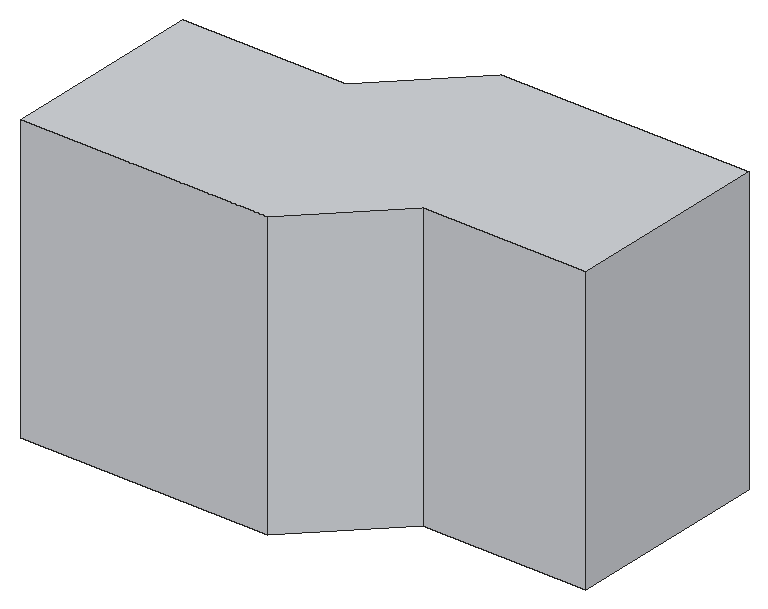
Revit family "Climaver_Offset", category Tvarovky potrubí, Revit 2022
Family settings
  Kóta kulaté spojky = Použít průměr
  Typ dílu = Odsazení
  Číslo OmniClass = 23.75.70.14
  Nadpis OmniClass = Air Ductwork
  Založené na pracovní rovině = Ne
  Vždy vertikální = Ano
  Ořezat dutým tvarem při načtení = Ne
  Sdílené = Ne
Parameters (values of type "CLIMAVER Plus R, CLIMAVER A2 Plus")
  note_A = "The minimum dimension of parameter was exceeded. Length of the middle part = 200 mm"  # constant formula
  TYPE = "Fitting"  # constant formula
  ROUNDING RADIUS [instance] = Lenght of inner part 1 / tan(Angle 2)  # 482.843 mm
  PANEL AREA [instance] = 2 * (External dimension_Height + External dimension_Width + 200 mm) * (Lenght of inner part 1 + Lenght of middle part + Lenght of outer part 2)  # 1.04569 m²
  MAXIMUM DIMENSION [instance] = if(External dimension_Width > External dimension_Height, External dimension_Width, External dimension_Height)  # 350 mm
  Installation manual = "https://ssi-climaver.com/assets/pdf/20180924%20climaver_installation_manual_din_a5.pdf"
  Výchozí výška = 0 mm
  DUCT_WIDTH [instance] = 200 mm
  DUCT_HEIGHT [instance] = 300 mm
  Angle 3 [instance] = 180.00° - ANGLE  # 135.00°
  Angle 2 [instance] = ANGLE / 2  # 22.50°
  o1 [instance] = Perimetr  # 1400 mm
  note_angle = "Warning: Use of non standard angle."  # constant formula
  note_R4 = "Contact climaver team. The table below indicates the types of reinforcement and the distance between each reinforcement."  # constant formula
  note_R3 = "Reinforcement is required. For more information, visit the manufacturer's website. The table below indicates the types of reinforcement and the distance between each reinforcement."  # constant formula
  note_R2 = "At pressures greater than 200 Pa it is necessary to reinforce. For more information, visit the manufacturer's website. The table below indicates the types of reinforcement and the distance between each reinforcement.\r\n"  # constant formula
  note_R1 = "At pressures greater than 400 Pa it is necessary to reinforce. For more information, visit the manufacturer's website. The table below indicates the types of reinforcement and the distance between each reinforcement."  # constant formula
  note_L3 min = "The minimum dimension of parameter was exceeded. Length of inner part 2 = 200 mm."  # constant formula
  note_L1 min = "The minimum dimension of parameter was exceeded. Length of inner part 1 = 200 mm."  # constant formula
  note_L max = "Warning: The fitting must be constructed from more parts."  # constant formula
  note_Di = "The internal dimensions should be at least 200 mm (the recommended min.value for the DUCT_WIDTH and DUCT_HEIGHT)"  # constant formula
  note_L2 min = "„The minimum dimension of parameter was exceeded. Length of the middle part = 200 mm“"  # constant formula
  h [instance] = -External dimension_Height  # -350 mm
  Warnings = yes
  Warning note [instance] = if(WAR_Di = 0 mm, note_Di, if(WAR_L1 min = 0 mm, note_L1 min, if(WAR_L3 min = 0 mm, note_L3 min, if(WAR_L max = 0 mm, note_L max, if(WAR_angle = 0 mm, note_angle, if(WAR_A min = 0 mm, note_A, ""))))))  # ""
  WAR_angle [instance] = if(not(ANGLE = 45.00°), 0 mm, 1 mm)  # 1 mm
  WAR_R4 [instance] = or(DUCT_WIDTH > 1500 mm, DUCT_HEIGHT > 1500 mm)  # no
  WAR_R3 [instance] = or(DUCT_WIDTH > 1050 mm, DUCT_HEIGHT > 1050 mm)  # no
  WAR_R2 [instance] = or(DUCT_WIDTH > 900 mm, DUCT_HEIGHT > 900 mm)  # no
  WAR_R1 [instance] = or(DUCT_WIDTH > 600 mm, DUCT_HEIGHT > 600 mm)  # no
  WAR_L3 min [instance] = if(Lenght of inner part 2 < 200 mm, 0 mm, 1 mm)  # 1 mm
  WAR_L1 min [instance] = if(Lenght of inner part 1 < 200 mm, 0 mm, 1 mm)  # 1 mm
  WAR_L max [instance] = if(or((Lenght of outer part 1 + Lenght of middle part 2 + Lenght of inner part 2) > Maximum lenght of panel, Perimetr > Maximum lenght of perimeter), 0 mm, 1 mm)  # 1 mm
  WAR_Di [instance] = if((or(DUCT_WIDTH < 200 mm, DUCT_HEIGHT < 200 mm)), 0 mm, 1 mm)  # 1 mm
  WAR_A min [instance] = if(Lenght of middle part < 150 mm, 0 mm, 1 mm)  # 1 mm
  WAR [instance] = if(or(WAR_angle = 0 mm, WAR_L1 min = 0 mm, WAR_L3 min = 0 mm, WAR_A min = 0 mm), 0 mm, 1 mm)  # 1 mm
  W [instance] = and(WAR = 0 mm, Warnings)  # no
  Výrobce = "Saint-Gobain - Isover"
  URL3 = ""
  URL2 = "https://www.isover-technical-insulation.com/products/climaverr-a2-plus"
  URL1 = "https://www.isover-technical-insulation.com/products/climaverr-plus-r"
  Reinforcement note [instance] = if(WAR_R4, note_R4, if(WAR_R3, note_R3, if(WAR_R2, note_R2, if(WAR_R1, note_R1, ""))))  # ""
  PŠ 2 [instance] = External dimension_Width / 2  # 125 mm
  PIz2 [instance] = PIz * 2  # 200 mm
  PIz [instance] = PŠ 2 - PANEL THICKNESS  # 100 mm
  PANEL THICKNESS = 25 mm
  OV [instance] = PŠ 2 / cos(Angle 2)  # 135.299 mm
  Perimetr [instance] = 2 * External dimension_Height + 2 * External dimension_Width + 200 mm  # 1400 mm
  Maximum lenght of perimeter = 3000 mm  # constant formula
  Maximum lenght of outer part 2 [instance] = (Maximum lenght of inner part 2 / Rounding radius 2) * (Rounding radius 2 + External dimension_Width)  # 303.553 mm
  Maximum lenght of middle part [instance] = 1190 mm - Lenght of outer part 1 - Lenght of inner part 2  # 686.447 mm
  Maximum lenght of outer part 1 [instance] = 1190 mm - Lenght of middle part 2 - Lenght of inner part 2  # 840 mm
  Maximum lenght of inner part 2 [instance] = 200 mm  # constant formula
  Minimum lenght of middle part [instance] = 150 mm  # constant formula
  Maximum lenght of inner part 1 [instance] = 200 mm  # constant formula
  Maximum lenght of panel = 1190 mm
  Family collaps = no
  Lenght 30 [instance] = Lenght 3 - Lenght of inner part 2  # 51.777 mm
  Lenght 01 [instance] = Lenght 1 - Lenght of inner part 1  # 51.777 mm
  Lenght of outer part 2 [instance] = tan(Angle 2) * (Rounding radius 2 + External dimension_Width)  # 303.553 mm
  Lenght of middle part 2 [instance] = Lenght of middle part  # 150 mm
  Lenght of outer part 1 [instance] = tan(Angle 2) * (ROUNDING RADIUS + External dimension_Width)  # 303.553 mm
  Lenght 3 [instance] = tan(Angle 2) * (External dimension_Width / 2 + Rounding radius 2)  # 251.777 mm
  Lenght 21 [instance] = External dimension_Width / 2 + ROUNDING RADIUS  # 607.843 mm
  c1 [instance] = External dimension_Width / 2 + ROUNDING RADIUS  # 607.843 mm
  URL = "https://www.isover-technical-insulation.com/hvac/climaverr-self-supporting-ducts"
  Rounding radius 21 [instance] = Rounding radius 2 + External dimension_Width / 2  # 607.843 mm
  Rounding radius 2 [instance] = Lenght of inner part 2 / tan(Angle 2)  # 482.843 mm
  Popis = "Offset"
  Lenght 23 [instance] = (Lenght of middle part) * sin(ANGLE) + External dimension_Width / 2  # 231.066 mm
  Model = "CLIMAVER Plus R, CLIMAVER A2 Plus (Fire reaction B-s1, d0; A2-s1, d0, Acoustic absorption 0,30)"
  Material = none
  Komentáře k typům = "Glass wool duct boards for air conditioning, ventilation and heating systems. The system allow to make foursquare duct/duct lines (straight duct, elbow, offset, branch etc.) The panel a high density glass wool duct board and is faced on both sides. The outer facing, a robust aluminum facing, acts as a vapor barrier and ensures that the duct is airtight. The inner facing of the duct may be either a reinforced aluminum facing or a woven glass facing.The pre-insulated, self-supporting duct is designed to offer excellent acoustics, excellent thermal performance and a high level of air-tightness, making the system energy efficient. Application as EN 13403, Airtightness: Thermal conductivity λ = 0,032 [W/(m·K)] for T = 10 °C, Class D, Maximum Static pressure: 800 Pa, Maximum air speed: 18 m/s, Maximum temperature of circulating air: 90°C, Maximum external air temperature 60°C, Minimum temperature: – 30˚C, Dimensional stability: Quantities and measured values : <1 %, Duct assembly: exclusive male/female molded shiplap, Water-vapour diffusion resistence: >140 m².h.Pa/mg (from the facing)."  # constant formula
  Lenght of inner part 2 [instance] = 200 mm
  Lenght of middle part [instance] = 150 mm
  Lenght of inner part 1 [instance] = 200 mm
  Lenght 2 [instance] = Lenght of middle part  # 150 mm
  Lenght 12 [instance] = 186.663 mm
  Lenght 1 [instance] = tan(Angle 2) * (External dimension_Width / 2 + ROUNDING RADIUS)  # 251.777 mm
  External dimension_Width [instance] = DUCT_WIDTH + 2 * PANEL THICKNESS  # 250 mm
  External dimension_Height [instance] = DUCT_HEIGHT + 2 * PANEL THICKNESS  # 350 mm
  Collapse [instance] = and(WAR = 0 mm, Family collaps)  # no
  COUNT = 1
  COPYRIGHT = "Saint-Gobain - Isover"  # constant formula
  ANGLE [instance] = 45.00°
Types (4, lengths in mm): name | PANEL AREA | MAXIMUM DIMENSION | DUCT_HEIGHT | o1 | h | URL3 | URL2 | URL1 | PŠ 2 | PANEL THICKNESS | OV | Perimetr | Maximum lenght of outer part 2 | Maximum lenght of middle part | Maximum lenght of panel | Lenght 30 | Lenght 01 | Lenght of outer part 2 | Lenght of outer part 1 | Lenght 3 | Lenght 21 | c1 | Rounding radius 21 | Lenght 23 | Model | Lenght 1 | External dimension_Width | External dimension_Height
  CLIMAVER Plus R, CLIMAVER A2 Plus | 1.04569 m² | 350 | 300 | 1400 | -350 | "" | "https://www.isover-technical-insulation.com/products/climaverr-a2-plus" | "https://www.isover-technical-insulation.com/products/climaverr-plus-r" | 125 | 25 | 135.299 | 1400 | 303.553 | 686.447 | 1190 | 51.777 | 51.777 | 303.553 | 303.553 | 251.777 | 607.843 | 607.843 | 607.843 | 231.066 | "CLIMAVER Plus R, CLIMAVER A2 Plus (Fire reaction B-s1, d0; A2-s1, d0, Acoustic absorption 0,30)" | 251.777 | 250 | 350
  CLIMAVER Neto, CLIMAVER A2 Neto | 1.04569 m² | 350 | 300 | 1400 | -350 | "" | "https://www.isover-technical-insulation.com/products/climaverr-a2-neto" | "https://www.isover-technical-insulation.com/products/climaverr-neto" | 125 | 25 | 135.299 | 1400 | 303.553 | 686.447 | 1190 | 51.777 | 51.777 | 303.553 | 303.553 | 251.777 | 607.843 | 607.843 | 607.843 | 231.066 | "CLIMAVER Neto, CLIMAVER A2 Neto (Fire reaction B-s1, d0; A2-s1, d0, Acoustic absorption 0,85)" | 251.777 | 250 | 350
  CLIMAVER A2 Deco | 0.914975 m² | 250 | 200 | 1200 | -250 | "" | "" | "https://www.isover-technical-insulation.com/products/climaverr-a2-deco" | 125 | 25 | 135.299 | 1200 | 303.553 | 686.447 | 1190 | 51.777 | 51.777 | 303.553 | 303.553 | 251.777 | 607.843 | 607.843 | 607.843 | 231.066 | "CLIMAVER A2 Deco (Fire behaviour A2-s1, d0, Acoustic absorption 0,85)" | 251.777 | 250 | 250
  CLIMAVER Apta, A2 Apta, A1 Apta | 1.14549 m² | 380 | 300 | 1520 | -380 | "https://www.isover-technical-insulation.com/products/climaverr-a1-apta" | "https://www.isover-technical-insulation.com/products/climaverr-a2-apta" | "https://www.isover-technical-insulation.com/products/climaverr-apta" | 140 | 40 | 151.535 | 1520 | 315.98 | 674.02 | 1210 | 57.99 | 57.99 | 315.98 | 315.98 | 257.99 | 622.843 | 622.843 | 622.843 | 246.066 | "CLIMAVER Apta, A2 Apta, A1 Apta (Fire reaction B-s1, d0; A2-s1, d0; A1, Acoustic absorption 0,90)" | 257.99 | 280 | 380
Reference planes
  plane 1 "Center (Front/Back)": y = 0
  plane 2: z = 0
  plane 3 "Center (Left/Right)": x = 441.421
  plane 4: x = 254.758
  plane 5 "horni": z = 175
  plane 6 "dolní": z = -175
  plane 7 "Délka 2": y = 607.843
  plane 8 "zadní": y = 231.066
  plane 9: x = 441.421
  plane 10: x = 389.645
  plane 11: x = 189.645
  plane 12 "iz1": y = -100
  plane 13 "iz2": y = 206.066
  plane 14: y = 100
  plane 15: y = 6.066
  plane 16: z = 150
  plane 17: z = -150
Forms (mm)
  Sweep 1, solid, detail levels medium+fine
    path in 3D
      loop
        line (189.645, 0, 0) -> (441.421, 0, 0) -> (547.487, 106.066, 0) -> (799.264, 106.066, 0)
    profile "M_Duct - Rectangular : Duct - Rectangular" origin (315.533, 0, 0) x (0, 1, 0) y (0, 0, 1)
      loop
        line (-125, 175) -> (-125, -175) -> (125, -175) -> (125, 175) -> (-125, 175)
Lines and regions (mm)
  reference lines
    curve 1: line (189.645, 0, 0) -> (441.421, 0, 0)
    curve 4: line (189.645, 607.843, 0) -> (441.421, 0, 0)
    curve 9: line (441.421, 0, 0) -> (547.487, 106.066, 0)
    curve 10: line (547.487, 106.066, 0) -> (991.202, 106.066, 0)
    curve 11: line (599.264, 406.548, 0) -> (599.264, -194.416, 0)
    curve 15: line (547.487, 406.548, 0) -> (547.487, -194.416, 0)
    curve 16: line (189.645, 0, 0) -> (189.645, -125, 0)
    curve 17: line (441.421, 0, 0) -> (493.198, -125, 0)
  sketch lines
    curve 2: line (189.645, 0, 0) -> (441.421, 0, 0)
    curve 14: line (441.421, 0, 0) -> (547.487, 106.066, 0)
    curve 20: line (547.487, 106.066, 0) -> (799.264, 106.066, 0)
  model lines, style "DuctFitting", detail levels coarse
    curve 3: line (189.645, 0, 0) -> (441.421, 0, 0)
  model lines, style "InvisibleLines"
    curve 5: line (220.134, 66.713, 0) -> (248.418, 94.998, 0)
    curve 6: line (248.418, 94.998, 0) -> (248.418, 14.998, 0)
    curve 19: line (799.264, 106.066, 0) -> (799.264, -18.934, 0)
  model lines, style "InvisibleLines", not visible
    curve 7: line (80.673, 222.588, 0) -> (108.957, 250.873, 0)
    curve 8: line (108.957, 250.873, 0) -> (108.957, 170.873, 0)
    curve 18: line (599.264, 509.957, 0) -> (599.264, -63.345, 0)
  model lines, detail levels coarse
    curve 12: line (441.421, 0, 0) -> (547.487, 106.066, 0)
    curve 13: line (547.487, 106.066, 0) -> (799.264, 106.066, 0)
  model lines, style "Climaver_Inner wall of fittings", detail levels medium
    curve 21: line (189.645, 100, 175) -> (400, 100, 175)
    curve 22: line (189.645, -100, 175) -> (482.843, -100, 175)
    curve 23: line (482.843, -100, 175) -> (588.909, 6.066, 175)
    curve 24: line (588.909, 6.066, 175) -> (799.264, 6.066, 175)
    curve 25: line (506.066, 206.066, 175) -> (799.264, 206.066, 175)
    curve 26: line (189.645, -100, -175) -> (482.843, -100, -175)
    curve 27: line (482.843, -100, -175) -> (588.909, 6.066, -175)
    curve 28: line (588.909, 6.066, -175) -> (799.264, 6.066, -175)
    curve 29: line (189.645, 100, -175) -> (400, 100, -175)
    curve 30: line (400, 100, -175) -> (506.066, 206.066, -175)
    curve 31: line (506.066, 206.066, -175) -> (799.264, 206.066, -175)
    curve 32: line (189.645, -125, 150) -> (493.198, -125, 150)
    curve 33: line (189.645, -125, -150) -> (493.198, -125, -150)
    curve 34: line (493.198, -125, 150) -> (599.264, -18.934, 150)
    curve 35: line (493.198, -125, -150) -> (599.264, -18.934, -150)
    curve 36: line (599.264, -18.934, 150) -> (799.264, -18.934, 150)
    curve 37: line (599.264, -18.934, -150) -> (799.264, -18.934, -150)
    curve 38: line (189.645, 125, 150) -> (389.645, 125, 150)
    curve 39: line (189.645, 125, -150) -> (389.645, 125, -150)
    curve 40: line (389.645, 125, 150) -> (495.711, 231.066, 150)
    curve 41: line (389.645, 125, -150) -> (495.711, 231.066, -150)
    curve 42: line (495.711, 231.066, 150) -> (799.264, 231.066, 150)
    curve 43: line (495.711, 231.066, -150) -> (799.264, 231.066, -150)
    curve 44: line (400, 100, 175) -> (506.066, 206.066, 175)
Dimensions and locks
  equal spacing: plane 5 "horni", plane 2, plane 6 "dolní"
  "External dimension_Height": plane 5 "horni" to plane 6 "dolní"
  "Lenght 12": plane 4 to plane 3 "Center (Left/Right)"
  "Lenght 21": plane 1 "Center (Front/Back)" to plane 7 "Délka 2"
  "Lenght 23": plane 1 "Center (Front/Back)" to plane 8 "zadní"
  locked: plane 3 "Center (Left/Right)" to plane 9 at 0
  "Lenght 01": plane 10 to plane 3 "Center (Left/Right)"
  equal spacing: curve 11, curve 10, curve 11
  "Lenght 2": curve 9 to curve 9
  "Lenght 30": curve 15 to curve 11
  "Lenght of inner part 1": curve 16 to plane 10
  locked: curve 16 to curve 5 at 30.489
  locked: Sweep 1 to curve 6 at 30.002
  "OV": curve 17 to curve 17
  "Lenght 30": curve 15 to curve 18
  "Lenght of inner part 2": curve 18 to curve 19
  "PŠ 2": curve 10 to curve 19
  "Lenght of inner part 1": plane 11 to plane 10
  "PŠ 2": curve 16 to plane 1 "Center (Front/Back)"
  "PANEL THICKNESS": plane 8 "zadní" to plane 13 "iz2"
  "PIz": plane 12 "iz1" to plane 1 "Center (Front/Back)"
  equal spacing: plane 14, plane 1 "Center (Front/Back)", plane 12 "iz1"
  "PIz2": plane 15 to plane 13 "iz2"
  "PANEL THICKNESS": plane 6 "dolní" to plane 17
  "PANEL THICKNESS": plane 16 to plane 5 "horni"
  angle plane 1 "Center (Front/Back)" to curve 9 = 45.00°
  "ANGLE": angle plane 1 "Center (Front/Back)" to curve 9
  "Angle 2": angle plane 3 "Center (Left/Right)" to curve 17
  "Angle 3": angle curve 23 to curve 22
  "ANGLE": angle plane 14 to curve 44
  "ANGLE": angle plane 14 to curve 30
  "Angle 3": angle curve 27 to plane 12 "iz1"
  aligned and locked: curve 1 to curve 3
  aligned and locked: plane 7 "Délka 2" to curve 4
  aligned and locked: plane 3 "Center (Left/Right)" to curve 4
  aligned and locked: curve 10 to curve 13
  aligned and locked: curve 12 to curve 9
  aligned and locked: Sweep 1 to curve 16
  aligned and locked: curve 10 to curve 19
  aligned and locked: plane 1 "Center (Front/Back)" to curve 17
  aligned and locked: plane 11 to curve 4
  aligned and locked: curve 12 to curve 10
  aligned and locked: curve 15 to curve 13
  aligned and locked: nested 1 to curve 17
  aligned and locked: curve 17 to nested 1
  aligned and locked: curve 26 to plane 12 "iz1"
  aligned and locked: curve 17 to curve 27
  aligned and locked: Sweep 1 to curve 28
  aligned and locked: curve 29 to plane 14
  aligned and locked: curve 4 to curve 29
  aligned and locked: curve 31 to plane 13 "iz2"
  aligned and locked: Sweep 1 to curve 31
  aligned and locked: plane 16 to curve 32
  aligned and locked: plane 17 to curve 33
  aligned and locked: plane 11 to curve 32
  aligned and locked: Sweep 1 to curve 32
  aligned and locked: plane 11 to curve 33
  aligned and locked: Sweep 1 to curve 33
  aligned and locked: Sweep 1 to curve 34  (x2)
  aligned and locked: curve 32 to curve 34
  aligned and locked: Sweep 1 to curve 35  (x2)
  aligned and locked: curve 33 to curve 35
  aligned and locked: Sweep 1 to curve 36  (x2)
  aligned and locked: curve 34 to curve 36
  aligned and locked: Sweep 1 to curve 37  (x2)
  aligned and locked: curve 35 to curve 37
  aligned and locked: plane 11 to curve 38
  aligned and locked: curve 38 to curve 32
  aligned and locked: plane 11 to curve 39
  aligned and locked: curve 39 to curve 33
  aligned and locked: plane 10 to curve 38
  aligned and locked: plane 10 to curve 39
  aligned and locked: Sweep 1 to curve 40  (x2)
  aligned and locked: curve 38 to curve 40
  aligned and locked: Sweep 1 to curve 41  (x2)
  aligned and locked: curve 39 to curve 41
  aligned and locked: Sweep 1 to curve 42  (x2)
  aligned and locked: curve 40 to curve 42
  aligned and locked: Sweep 1 to curve 43  (x2)
  aligned and locked: curve 41 to curve 43
  aligned and locked: Sweep 1 to curve 24
  aligned and locked: curve 17 to curve 23
  aligned and locked: plane 15 to curve 28
  aligned and locked: plane 15 to curve 23
  aligned and locked: curve 22 to plane 12 "iz1"
  aligned and locked: curve 26 to plane 11
  aligned and locked: curve 22 to plane 11
  aligned and locked: curve 29 to plane 11
  aligned and locked: curve 21 to plane 11
  aligned and locked: curve 21 to curve 44
  aligned and locked: curve 44 to curve 25
  aligned and locked: curve 4 to curve 44
  aligned and locked: curve 4 to curve 21
  aligned and locked: curve 21 to plane 14
  aligned and locked: curve 25 to plane 13 "iz2"
  aligned and locked: curve 30 to curve 25
Automatic sketch dimensions
  curve 12 to curve 9 = 0 mm
  curve 3 to plane 11 = 0 mm
  curve 3 to plane 3 "Center (Left/Right)" = 0 mm
  curve 41 to Sweep 1 = 0 mm
  curve 40 to Sweep 1 = 0 mm
  curve 25 to Sweep 1 = 0 mm
  curve 9 to curve 10 = 443.714 mm
  curve 15 to curve 10 = 0 mm
  curve 15 to curve 10 = 300.482 mm
  curve 10 to curve 15 = 300.482 mm
  curve 11 to curve 10 = 300.482 mm
  curve 18 to curve 10 = 169.411 mm
  curve 10 to curve 18 = 403.891 mm
Nested families
  nested 1: "Warnings_HVAC" at (490.888, -125.957, -0.787) x (0, 0, 1) z (0.3827, -0.9239, 0), visible <- "W", type "Warnings_HVAC"
    with Viditelnost yes
Connectors
  hvac at (189.645, 0, 0), driven by "DUCT_HEIGHT", driven by "DUCT_WIDTH"
    settings: on Sweep 1, index 3, duct flow 0.0 L/s, flow factor 0, pres drop 0.0 Pa, loss coef 0, conn angle 30.00°, conn width 200 mm, conn height 300 mm, conn diameter 609.6 mm, duct sys type 28, conn prof type 1, flow config 0, flow direction 0, loss method 0, conn ref index 4, conn util no, is conn primary yes, conn desc ""
  hvac at (799.264, 106.066, 0), driven by "DUCT_HEIGHT", driven by "DUCT_WIDTH"
    settings: on Sweep 1, index 4, duct flow 0.0 L/s, flow factor 0, pres drop 0.0 Pa, loss coef 0, conn angle 30.00°, conn width 200 mm, conn height 300 mm, conn diameter 609.6 mm, duct sys type 28, conn prof type 1, flow config 0, flow direction 0, loss method 0, conn ref index 3, conn util no, is conn primary no, conn desc ""
Definition of nested family "Warnings_HVAC"
  Parameters (values of type "Warnings_HVAC")
    Manufacturer = ""
    Default Elevation = 0 mm
    Viditelnost [instance] = yes
    URL = ""
    Description = ""
    Model = ""
    Type Comments = ""
    Collapse = no
    Collapser = if(Collapse, -1 mm, 206 mm)  # 206 mm
    Cost = 0
    COPYRIGHT = "© cadconsulting, spol. s r.o."  # constant formula
  Reference planes
    plane 1 "Střed (vpředu/vzadu)": z = 0
    plane 2: z = 0
    plane 3 "Střed (vlevo/vpravo)": x = 0
    plane 4: z = 50
    plane 5: z = 256
    plane 6 "Střed Vpředu/Vzadu": y = -2.5
  Forms (mm)
    Revolve 1, solid, visible <- "Viditelnost"
      sketch origin (0, -2.5, 1200) x (1, 0, 0) y (0, 0, 1)
        loop
          line (-18.367, -945.083) -> (-8.69, -1109.259)
          arc (-8.69, -1109.259) -> (-5.971, -1115.081) -> (0, -1117.452) r 8.705
          line (0, -1117.452) -> (0, -925.601)
          arc (0, -925.601) -> (-13.387, -931.379) -> (-18.367, -945.083) r 18.399
        loop
          arc (0, -1135) -> (-15, -1150) -> (0, -1165) r 15
          line (0, -1165) -> (0, -1135)
        axis (0, -1165) -> (0, -925.601)
      angle from 0 to 360
  Lines and regions (mm)
    reference lines
      curve 1: line (0, -2.5, 50) -> (0, -2.5, 261)
  Dimensions and locks
    "Collapser": plane 5 to plane 4
    locked: plane 4 to plane 2 at 50
    aligned and locked: level to plane 2
    aligned and locked: plane 4 to curve 1
    aligned and locked: plane 3 "Střed (vlevo/vpravo)" to curve 1
    aligned and locked: Revolve 1 sketch curve to plane 3 "Střed (vlevo/vpravo)"
    aligned and locked: plane 3 "Střed (vlevo/vpravo)" to Revolve 1 sketch curve  (x3)
    aligned and locked: plane 5 to Revolve 1 sketch curve
    aligned and locked: plane 4 to Revolve 1 sketch curve
  Automatic sketch dimensions
    curve 1 to plane 5 = 5 mm
    Revolve 1 sketch curve to plane 3 "Střed (vlevo/vpravo)" = 0 mm
    Revolve 1 sketch curve to plane 4 = 0 mm
    Revolve 1 sketch curve to plane 5 = 0 mm
    Revolve 1 sketch curve to plane 3 "Střed (vlevo/vpravo)" = 8.69 mm
    plane 5 to Revolve 1 sketch curve = 1.083 mm
    Revolve 1 sketch curve to plane 3 "Střed (vlevo/vpravo)" = 18.367 mm
    Revolve 1 sketch curve to Revolve 1 sketch curve = 15 mm
    Revolve 1 sketch curve to Revolve 1 sketch curve = 8.193 mm
